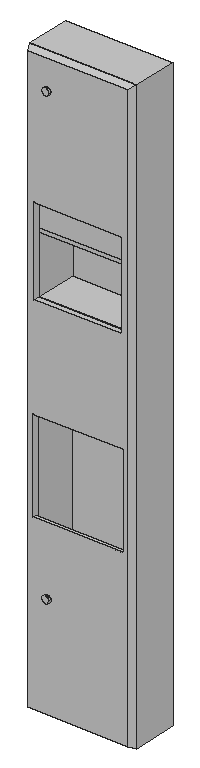
Revit family "RBA BIM - B8159699", category Generic Models, Revit 2014
Parameters (values of type "B8159699")
  Watermarked by = "RBA Group Pty Ltd"
  URL = "www.rba.com.au/washroom-accessories/paper-towel-dispensers"
  Specifier = "RBA Group Pty Ltd"
  Phone Number = "1300 788 778"
  Model = "B8159699"
  Manufacturer = "Bobrick"
  MATERIAL = Stainless Steel, Brushed
  Description = "Surface Mounted Hand Dryer, Paper Towel Dispenser & Waste Receptacle"
Reference planes
  plane 1 "Center (Front/Back)": y = 0
  plane 2: z = 0
  plane 3 "Center (Left/Right)": x = 0
  plane 4: z = 1830
  plane 5: x = -165
  plane 6: x = 165
  plane 7: y = -140
  plane 8: y = -160
  plane 9: z = 1140
  plane 10: z = 540
  plane 11: z = 825
Forms (mm)
  Extrusion 1, solid, material "Stainless Steel, Brushed" <- "MATERIAL"
    sketch origin (0, 0, 0) x (1, 0, 0) y (0, 0, 1)
      loop
        line (-165, 0) -> (165, 0) -> (165, 1830) -> (-165, 1830) -> (-165, 0)
    from 0 to 140
  Blend 2, solid, material "Stainless Steel, Brushed" <- "MATERIAL"
    base sketch origin (0, 0, 0) x (1, 0, 0) y (0, 0, 1)
      loop
        line (-165, 1830) -> (-165, 0) -> (165, 0) -> (165, 1830) -> (-165, 1830)
    top sketch origin (0, 0, 0) x (1, 0, 0) y (0, 0, 1)
      loop
        line (-155, 1820) -> (-155, 10) -> (155, 10) -> (155, 1820) -> (-155, 1820)
    from 140 to 160
  Extrusion 3, solid, material "Stainless Steel, Brushed" <- "MATERIAL"
    sketch origin (0, 0, 0) x (1, 0, 0) y (0, 0, 1)
      loop
        circle (-95, 1730) r 11
    from 160 to 165
  Extrusion 4, solid, material "Stainless Steel, Brushed" <- "MATERIAL"
    sketch origin (0, 0, 0) x (1, 0, 0) y (0, 0, 1)
      loop
        circle (-95, 330) r 11
    from 160 to 165
  Extrusion 5, void
    sketch origin (0, 0, 0) x (1, 0, 0) y (0, 0, 1)
      loop
        line (-135, 1140) -> (135, 1140) -> (135, 1410) -> (-135, 1410) -> (-135, 1140)
    from 10 to 165
  Extrusion 6, void
    sketch origin (0, 0, 0) x (1, 0, 0) y (0, 0, 1)
      loop
        line (-140, 540) -> (140, 540) -> (140, 825) -> (-140, 825) -> (-140, 540)
    from 10 to 165
  Extrusion 7, void
    sketch origin (0, -160, 0) x (-1, 0, 0) y (0, 0, 1)
      loop
        line (140, 310) -> (140, 540) -> (-140, 540) -> (-140, 310) -> (140, 310)
    from 10 to 150
  Extrusion 8, solid, material "Stainless Steel, Brushed" <- "MATERIAL"
    sketch origin (-567.5, -160, 0) x (1, 0, 0) y (0, 0, 1)
      loop
        line (417.326, 1330) -> (717.326, 1330) -> (717.326, 1410) -> (417.326, 1410) -> (417.326, 1330)
    from -150 to -20
  Extrusion 9, solid, material "Stainless Steel AISI 304"
    sketch origin (-567.5, 0, 0) x (1, 0, 0) y (0, 0, 1)
      loop
        line (417.326, 1320) -> (717.326, 1320) -> (717.326, 1330) -> (417.326, 1330) -> (417.326, 1320)
    from 10 to 140
  Extrusion 10, solid, material "Stainless Steel, Brushed" <- "MATERIAL", not visible
    sketch origin (0, -160, 0) x (1, 0, 0) y (0, 0, 1)
      loop
        line (417.326, 1330) -> (717.326, 1330) -> (717.326, 1410) -> (417.326, 1410) -> (417.326, 1330)
    from -150 to -20
  Extrusion 11, solid, material "Stainless Steel AISI 304", not visible
    sketch origin (0, 0, 0) x (1, 0, 0) y (0, 0, 1)
      loop
        line (417.326, 1320) -> (717.326, 1320) -> (717.326, 1330) -> (417.326, 1330) -> (417.326, 1320)
    from 10 to 140
Cuts and joins
  Extrusion 5, Extrusion 6, Extrusion 7 cuts Extrusion 1
  Extrusion 5, Extrusion 6, Extrusion 7 cuts Blend 2
Lines and regions (mm)
  Split face 1
    outline origin (-567.5, -140, 0) x (1, 0, 0) y (0, 0, 1)
      loop
        line (417.326, 1370) -> (457.326, 1370)
        arc (457.326, 1370) -> (567.326, 1395) -> (677.326, 1370) r 254.5
        line (677.326, 1370) -> (717.326, 1370)
  Split face 2, not visible
    outline origin (0, -140, 0) x (1, 0, 0) y (0, 0, 1)
      loop
        line (417.326, 1370) -> (457.326, 1370)
        arc (457.326, 1370) -> (567.326, 1395) -> (677.326, 1370) r 254.5
        line (677.326, 1370) -> (717.326, 1370)
  model lines
    curve 1: spline (-95, -165, 1724) -> (-94.748, -165, 1724.204) -> (-94.512, -165, 1724.804) -> (-94.31, -165, 1725.757) -> (-94.155, -165, 1727) -> (-94.058, -165, 1728.447) -> (-94.025, -165, 1730) -> (-94.058, -165, 1731.553) -> (-94.155, -165, 1733) -> (-94.31, -165, 1734.243) -> (-94.512, -165, 1735.196) -> (-94.748, -165, 1735.796) -> (-95, -165, 1736) -> (-95.252, -165, 1735.796) -> (-95.488, -165, 1735.196) -> (-95.69, -165, 1734.243) -> (-95.845, -165, 1733) -> (-95.942, -165, 1731.553) -> (-95.975, -165, 1730) -> (-95.942, -165, 1728.447) -> (-95.845, -165, 1727) -> (-95.69, -165, 1725.757) -> (-95.488, -165, 1724.804) -> (-95.252, -165, 1724.204) -> (-95, -165, 1724)
    curve 2: spline (-95, -165, 324.04) -> (-94.741, -165, 324.243) -> (-94.5, -165, 324.838) -> (-94.292, -165, 325.785) -> (-94.133, -165, 327.02) -> (-94.033, -165, 328.457) -> (-93.999, -165, 330) -> (-94.033, -165, 331.543) -> (-94.133, -165, 332.98) -> (-94.292, -165, 334.215) -> (-94.5, -165, 335.162) -> (-94.741, -165, 335.757) -> (-95, -165, 335.96) -> (-95.259, -165, 335.757) -> (-95.5, -165, 335.162) -> (-95.708, -165, 334.215) -> (-95.867, -165, 332.98) -> (-95.967, -165, 331.543) -> (-96.001, -165, 330) -> (-95.967, -165, 328.457) -> (-95.867, -165, 327.02) -> (-95.708, -165, 325.785) -> (-95.5, -165, 324.838) -> (-95.259, -165, 324.243) -> (-95, -165, 324.04)
    curve 3: line (-65, -160, 835) -> (65, -160, 835)
    curve 4: line (-65, -160, 875) -> (-65, -160, 835)
    curve 5: line (65, -160, 875) -> (-65, -160, 875)
    curve 6: line (65, -160, 835) -> (65, -160, 875)
    curve 7: line (-110.174, -140, 1370) -> (-150.174, -140, 1370)
    curve 8: arc (109.826, -140, 1370) -> (-0.174, -140, 1395) -> (-110.174, -140, 1370) r 254.5
    curve 9: line (149.826, -140, 1370) -> (109.826, -140, 1370)
    curve 10: line (149.826, -140, 1330) -> (-150.174, -140, 1330)
Dimensions and locks
  equal spacing: plane 6, plane 3 "Center (Left/Right)", plane 5, locked at 165 each
  plane 6 to plane 5 = 330 mm
  locked: plane 4 to level at 1830
  plane 7 to plane 1 "Center (Front/Back)" = 140 mm
  plane 7 to plane 8 = 20 mm
  plane 4 to level = 1830 mm
  plane 1 "Center (Front/Back)" to plane 8 = 160 mm
  aligned and locked: level to plane 2
Automatic sketch dimensions
  Extrusion 1 sketch curve to level = 0 mm
  Extrusion 1 sketch curve to plane 5 = 0 mm
  Extrusion 1 sketch curve to plane 6 = 0 mm
  Extrusion 1 sketch curve to plane 4 = 0 mm
  Blend 2 sketch curve to level = 0 mm
  Blend 2 sketch curve to plane 4 = 0 mm
  Blend 2 sketch curve to plane 5 = 0 mm
  Blend 2 sketch curve to plane 6 = 0 mm
  curve 1 to curve 1 = 6 mm
  plane 5 to Blend 2 sketch curve = 10 mm
  Blend 2 sketch curve to plane 6 = 10 mm
  level to Blend 2 sketch curve = 10 mm
  Blend 2 sketch curve to plane 4 = 10 mm
  curve 2 to curve 2 = 5.96 mm
  level to Extrusion 4 sketch curve = 330 mm
  plane 5 to Extrusion 3 sketch curve = 70 mm
  plane 5 to Extrusion 4 sketch curve = 70 mm
  Extrusion 3 sketch curve to plane 4 = 100 mm
  Extrusion 5 sketch curve to plane 9 = 0 mm
  Extrusion 6 sketch curve to plane 10 = 0 mm
  Extrusion 6 sketch curve to plane 11 = 0 mm
  curve 5 to Blend 2 = 90 mm  (x2)
  curve 3 to Blend 2 = 825 mm
  curve 3 to curve 5 = 40 mm
  Blend 2 to Extrusion 7 sketch curve = 300 mm
  Blend 2 to Extrusion 7 sketch curve = 15 mm  (x2)
  Extrusion 7 sketch curve to Extrusion 7 sketch curve = 230 mm
  Extrusion 5 sketch curve to plane 6 = 30 mm
  Extrusion 6 sketch curve to plane 6 = 25 mm
  plane 5 to Extrusion 5 sketch curve = 30 mm
  plane 5 to Extrusion 6 sketch curve = 25 mm
  Extrusion 8 sketch curve to Extrusion 8 sketch curve = 300 mm
  Extrusion 8 sketch curve to Extrusion 8 sketch curve = 80 mm
  Split face 1 sketch curve to Extrusion 8 = 40 mm  (x3)
  Split face 1 sketch curve to Extrusion 8 = 150 mm
  Extrusion 8 to Split face 1 sketch curve = 189.5 mm
  Split face 1 sketch curve to Extrusion 8 = 0 mm
  Extrusion 8 to Split face 1 sketch curve = 0 mm
  Extrusion 9 sketch curve to Extrusion 9 sketch curve = 10 mm
  Extrusion 9 sketch curve to Extrusion 9 sketch curve = 300 mm
  Extrusion 10 sketch curve to Extrusion 10 sketch curve = 300 mm
  Extrusion 10 sketch curve to Extrusion 10 sketch curve = 80 mm
  Split face 2 sketch curve to Extrusion 10 = 40 mm  (x3)
  Split face 2 sketch curve to Extrusion 10 = 150 mm
  Extrusion 10 to Split face 2 sketch curve = 189.5 mm
  Split face 2 sketch curve to Extrusion 10 = 0 mm
  Extrusion 10 to Split face 2 sketch curve = 0 mm
  Extrusion 11 sketch curve to Extrusion 11 sketch curve = 10 mm
  Extrusion 11 sketch curve to Extrusion 11 sketch curve = 300 mm
  Extrusion 8 sketch curve to Blend 2 = 4.826 mm
  Extrusion 8 sketch curve to Blend 2 = 490 mm
  plane 5 to Extrusion 9 sketch curve = 14.826 mm
  plane 9 to Extrusion 5 sketch curve = 270 mm
  plane 9 to Extrusion 9 sketch curve = 180 mm
  Extrusion 8 to curve 7 = 0 mm
  curve 7 to curve 7 = 40 mm
  curve 8 to Extrusion 8 = 150 mm
  Extrusion 8 to curve 8 = 189.5 mm
  curve 7 to Extrusion 8 = 40 mm
  curve 8 to Extrusion 8 = 40 mm
  curve 9 to Extrusion 8 = 0 mm
  radius of Extrusion 3 sketch curve = 11 mm
  radius of Extrusion 4 sketch curve = 11 mm
